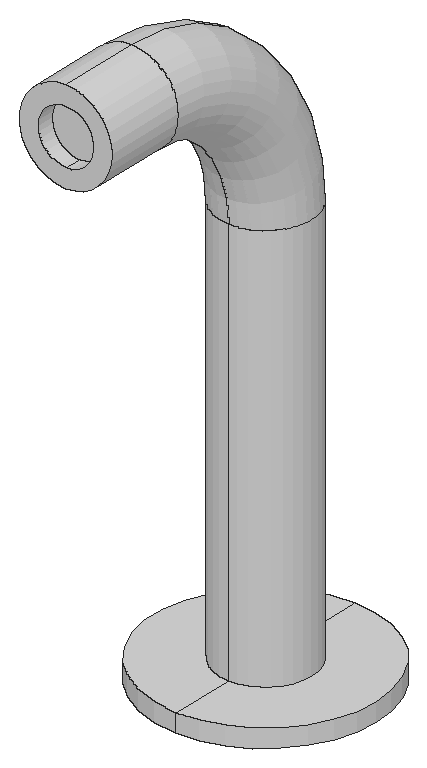
Revit family "Reece_Tap_Milli_Pure_Basin Outlet_Wall Mount_160 mm", category Plumbing Fixtures, host Face, Revit 2018
Family settings
  Host = Face
  Round Connector Dimension = Use Diameter
  Part Type = Normal
  Cut with Voids When Loaded = No
  Shared = Yes
  Room Calculation Point = Yes
Parameters (values of type "Chrome")
  URL = "https://www.reece.com.au/product/-2263284"
  Type Comments = "Tap"
  Reece_Product_Type = "Tap"  # constant formula
  Reece_Product_Number = "2263284"
  Reece_Product_Web Page = "https://www.reece.com.au/product/-2263284"
  Reece_Product_Mount = "Wall Mounted"
  Reece_Product_Sub Brand = "Pure"  # constant formula
  Reece_Product_Brand = "Milli"  # constant formula
  Reece_Product_Description = "Milli Pure Wall Basin Outlet 160mm Chrome (3 Star)"
  WFU = 0  # constant formula
  Reece_Tap_Reach = 160 mm  # constant formula
  Reece_Tap_Inlet = 15 mm  # constant formula
  Reece_Stand_Baseplate_Radius = 30 mm  # constant formula
  Reece_Overall_Length = 172.5 mm  # constant formula
  Reece_Material-Main = Reece_Brass_Chrome
  Reece_Detail_Shape = "Curved"  # constant formula
  Reece_Detail_Installation = ""
  Reece_Detail_Disclaimer = "THIS FILE IS THE PROPERTY OF THE REECE GROUP. IT MAY NOT BE REPRODUCED, REVERSE-ENGINEERED OR MODIFIED. ANY REPUBLICATION, TRANSMISSION OR DISTRIBUTION FOR THE PURPOSE OF COMMERCIALLY EXPLOITING THE FILES IS PROHIBITED."  # constant formula
  Reece_Detail_Connector = ""
  Reece_Detail_Additional = ""
  Reece_Baseplate_Void Cut Radius = 20 mm  # constant formula
  Model = "Pure"
  Manufacturer = "Milli"
  Keynote = "Product #2263284, Reece_Tap_Milli_Pure_Basin Outlet_Wall Mount_160 mm - Chrome"
  HWFU = 0  # constant formula
  Disclaimer = "THIS FILE IS THE PROPERTY OF THE REECE GROUP. IT MAY NOT BE REPRODUCED, REVERSE-ENGINEERED OR MODIFIED. ANY REPUBLICATION, TRANSMISSION OR DISTRIBUTION FOR THE PURPOSE OF COMMERCIALLY EXPLOITING THE FILES IS PROHIBITED."  # constant formula
  Description = "Milli Pure Wall Basin Outlet 160mm Chrome (3 Star)"
  Default Elevation = 1000 mm
  CWFU = 0  # constant formula
Types (6, lengths in mm): name | URL | Reece_Product_Number | Reece_Product_Web Page | Reece_Product_Description | Reece_Material-Main | Keynote | Description
  (no name) | "https://www.reece.com.au/product/-9511090" | "9511090" | "https://www.reece.com.au/product/-9511090" | "Milli Pure Wall Basin Outlet 160mm PVD Brushed Bronze (3 Star)" | Reece_PVD_Brushed Bronze | "Product #9511090, Reece_Tap_Milli_Pure_Basin Outlet_Wall Mount_160 mm -  " | "Milli Pure Wall Basin Outlet 160mm PVD Brushed Bronze (3 Star)"
  Chrome | "https://www.reece.com.au/product/-2263284" | "2263284" | "https://www.reece.com.au/product/-2263284" | "Milli Pure Wall Basin Outlet 160mm Chrome (3 Star)" | Reece_Brass_Chrome | "Product #2263284, Reece_Tap_Milli_Pure_Basin Outlet_Wall Mount_160 mm - Chrome" | "Milli Pure Wall Basin Outlet 160mm Chrome (3 Star)"
  Matte Black | "https://www.reece.com.au/product/-2281227" | "2281227" | "https://www.reece.com.au/product/-2281227" | "Milli Pure Wall Basin Outlet 160mm Matte Black (3 Star)" | Reece_Brass_Matte Black | "Product #2281227, Reece_Tap_Milli_Pure_Basin Outlet_Wall Mount_160 mm - Matte Black" | "Milli Pure Wall Basin Outlet 160mm Matte Black (3 Star)"
  Brushed Gunmetal | "https://www.reece.com.au/product/-2281305" | "2281305" | "https://www.reece.com.au/product/-2281305" | "Milli Pure Wall Basin Outlet 160mm Brushed Gunmetal (3 Star)" | Reece_Brass_Brushed Gunmetal | "Product #2281305, Reece_Tap_Milli_Pure_Basin Outlet_Wall Mount_160 mm - Brushed Gunmetal" | "Milli Pure Wall Basin Outlet 160mm Brushed Gunmetal (3 Star)"
  PVD Brushed Bronze | "https://www.reece.com.au/product/-9511090" | "9511090" | "https://www.reece.com.au/product/-9511090" | "Milli Pure Wall Basin Outlet 160mm PVD Brushed Bronze (3 Star)" | Reece_PVD_Brushed Bronze | "Product #9511090, Reece_Tap_Milli_Pure_Basin Outlet_Wall Mount_160 mm - PVD Brushed Bronze" | "Milli Pure Wall Basin Outlet 160mm PVD Brushed Bronze (3 Star)"
  PVD Brushed Gold | "https://www.reece.com.au/product/-9510905" | "9510905" | "https://www.reece.com.au/product/-9510905" | "Milli Pure Wall Basin Outlet 160mm PVD Brushed Gold (3 Star)" | Reece_PVD_Brushed Gold | "Product #9510905, Reece_Tap_Milli_Pure_Basin Outlet_Wall Mount_160 mm - PVD Brushed Gold" | "Milli Pure Wall Basin Outlet 160mm PVD Brushed Gold (3 Star)"
Reference planes
  plane 1 "Center (Front/Back)": y = 0
  plane 2: z = 0
  plane 3 "Center (Left/Right)": x = 0
  plane 4: z = 160
  plane 5: y = -67
  plane 6: z = 172.5
Forms (mm)
  Revolve 1, solid, material "Reece_Brass_Chrome" <- "Reece_Material-Main"
    sketch origin (0, 0, 23) x (0, 1, 0) y (0, 0, 1)
      loop
        line (10, -17.988) -> (10, -19.988) -> (27.956, -19.988) -> (27.956, -23) -> (30, -23) -> (30, -17.988) -> (10, -17.988)
      axis (0, -17.988) -> (0, -23)
    angle from 0 to 360
  Sweep 2, solid, material "Reece_Brass_Chrome" <- "Reece_Material-Main"
    path origin (0, 0, 0) x (0, 1, 0) y (0, 0, 1)
      loop
        line (0, 5.012) -> (0, 115)
        arc (0, 115) -> (-13.18, 146.82) -> (-45, 160) r 45
        line (-45, 160) -> (-67, 160)
    profile origin (0, 0, 60.006) x (0, -1, 0) y (1, 0, 0)
      loop
        circle (0, 0) r 12.5
      loop
        circle (0, 0) r 7.5
  Extrusion 3, solid, material "Reece_Brass_Chrome" <- "Reece_Material-Main"
    sketch origin (0, -68.351, 160) x (1, 0, 0) y (0, 0, 1)
      loop
        circle (0, 0) r 7.5
    from -10 to -5.89
  Revolve 4, void
    sketch origin (0, 0, 39.453) x (0, 1, 0) y (0, 0, 1)
      loop
        line (-20, -39.453) -> (-20, -79.453) -> (0, -79.453) -> (0, -39.453) -> (-20, -39.453)
      axis (0, -39.453) -> (0, -79.453)
    angle from 0 to 360
Cuts and joins
  Revolve 4 cuts Revolve 1
  Revolve 4 cuts Sweep 2
  joined: Revolve 1, Sweep 2, Extrusion 3
Text (mm)
  text "Reece Copyright © 2018, Reece Ltd." at (-1164.308, -468.56, 0), in view "Ref. Level"
  text "Reece ©" at (-7.653, 198.338, 183.77), in view "Reece Preview"
Dimensions and locks
  "Reece_Stand_Baseplate_Radius": Revolve 1 sketch curve to Revolve 1 sketch curve
  "Reece_Tap_Reach": plane 4 to host face
  "Reece_Baseplate_Void Cut Radius": Revolve 4 sketch curve to Revolve 4 sketch curve
  plane 5 to plane 1 "Center (Front/Back)" = 67 mm
  "Reece_Overall_Length": plane 6 to plane 2
  aligned and locked: host face to plane 2
  aligned and locked: level to host face
  aligned and locked: Revolve 4 sketch curve to Revolve 4 sketch curve
Automatic sketch dimensions
  host sketch curve to host sketch curve = 481.758 mm
  host sketch curve to host sketch curve = 479.681 mm
  Sweep 2 sketch curve to plane 3 "Center (Left/Right)" = 0 mm
  Sweep 2 sketch curve to profile plane = 0 mm
  Sweep 2 sketch curve to Sweep 2 sketch curve = 0 mm  (x2)
  Sweep 2 sketch curve to plane 4 = 0 mm
  Sweep 2 sketch curve to plane 5 = 0 mm
  Sweep 2 sketch curve to plane 1 "Center (Front/Back)" = 0 mm
  plane 5 to Sweep 2 sketch curve = 22 mm
  level to Sweep 2 sketch curve = 5.012 mm
  Extrusion 3 sketch curve to Extrusion 3 sketch curve = 0 mm  (x2)
  Extrusion 3 sketch curve to plane 3 "Center (Left/Right)" = 0 mm
  Extrusion 3 sketch curve to plane 4 = 0 mm
  Extrusion 3 sketch curve to plane 4 = 7.5 mm
  Revolve 1 sketch curve to plane 1 "Center (Front/Back)" = 0 mm
  Revolve 1 sketch curve to level = 0 mm
  Revolve 1 sketch curve to plane 1 "Center (Front/Back)" = 10 mm
  Revolve 1 sketch curve to Revolve 1 sketch curve = 2.044 mm
  level to Revolve 1 sketch curve = 3.012 mm
  Revolve 1 sketch curve to Revolve 1 sketch curve = 2 mm
  Revolve 1 sketch curve to level = 317.81 mm
  plane 6 to Revolve 1 sketch curve = 524.332 mm
  Revolve 4 sketch curve to level = 0 mm
  Revolve 4 sketch curve to plane 1 "Center (Front/Back)" = 0 mm
  Revolve 4 sketch curve to level = 40 mm
  Revolve 4 sketch curve to Revolve 4 sketch curve = 261.356 mm
  plane 6 to Revolve 4 sketch curve = 1941.207 mm
  radius of Sweep 2 sketch curve = 12.5 mm
  radius of Sweep 2 sketch curve = 7.5 mm
Connectors
  piping at (0, 0, 5.012), diameter 15, driven by "Reece_Tap_Inlet"
    settings: on cut or joined group of Revolve 1, Sweep 2, Extrusion 3, Revolve 4, index 1, connector inside diameter 609.6 mm, connector length 0 mm, flow factor 0, pipe flow 0.0 L/s, pressure drop 0.0 Pa, fitting loss kfactor 0, connector angle 0.00°, fixture units 0, engagement length 0 mm, angle of deflection 0.00°, flow configuration 0, flow direction 1, fitting loss method 0, system type 29, joint type 0, gender type 0, connector reference index -1, connector utility 0, adjustable connector no, is connector primary yes, connector description ""
